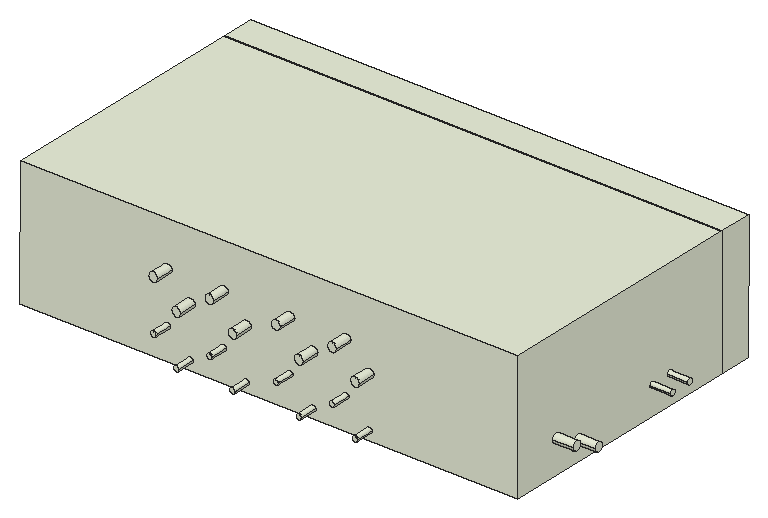
Revit family "Midea_VRF_MS08_E", category Mechanical Equipment, Revit 2013
Parameters (values of type "MS08/N1-D")
  clearance [instance] = no
  Width = 660.000 mm
  URL = ""
  Series = "MS box"
  Power supply = "220-240V 1N~50Hz/60Hz"
  Number of branches = 8
  Net Weight = 48.00 kg
  Model = "MS08/N1-D"
  Minimum Circuit Amps = 0.8 A
  Maximum Fuse Amps = 15 A
  Max. capacity index of connectable indoor units per branch = 16.000 kW
  Max. capacity index of connectable indoor units = 85.000 kW
  Max. No. of connectable indoor units per branch = 5
  Max. No. of connectable indoor units = 40
  Manufacturer = "Midea"
  Machine material = Galvanized Steel
  Low pressure gas pipe to ODU = "∅22.2/∅28.6/∅34.9"
  Liquid pipes to IDU = "∅6.35/∅9.52"
  Liquid pipe  to ODU = "∅12.7/∅15.9/∅19.05/∅22.2"
  Installation = "Indoor installation"
  High pressure gas pipe to ODU = "∅19.05/∅22.2/∅28.6"
  Height = 250.000 mm
  Heating Power Input = 138 W
  Gas pipes to IDU = "∅12.7/∅15.9"
  Gas = "R410A"
  Description = ""
  Depth = 574.000 mm
  Cooling Power Input = 138 W
  Condensation = ""
  Casing color = SB2014
Reference planes
  plane 1: z = 0
  plane 2 "中心(左/右)": x = 0
  plane 3: y = -374.3
  plane 4: x = -487
  plane 5: x = 487
  plane 6: y = -59.3
  plane 7: y = -624.3
  plane 8: z = 250
Forms (mm)
  Extrusion 1, solid, material "Galvanized Steel", detail levels medium+fine
    sketch origin (120, -1462, 378.197) x (0, -1, 0) y (1, 0, 0)
      loop
        line (-837.7, -607) -> (-837.7, 367) -> (-1337.7, 367) -> (-1337.7, -607) -> (-837.7, -607)
    from -378.197 to -128.197
  Extrusion 2, solid, material "Galvanized Steel", detail levels medium+fine
    sketch origin (120, -1109.5, 378.197) x (0, -1, 0) y (1, 0, 0)
      loop
        line (-985.2, -607) -> (-985.2, 367) -> (-1050.2, 367) -> (-1050.2, -607) -> (-985.2, -607)
    from -378.197 to -128.197
  Extrusion 3, solid, material "Galvanized Steel"
    sketch origin (1148, -1524, 0) x (0, 0, 1) y (0, -1, 0)
      loop
        circle (41.271, -1046.168) r 8.5
    from -661 to -619
  Extrusion 4, solid, material "Galvanized Steel"
    sketch origin (1148, -1300.408, 17.041) x (0, 0, 1) y (0, -1, 0)
      loop
        circle (41.271, -1046.168) r 5
    from -661 to -619
  Extrusion 5, solid, material "Galvanized Steel"
    sketch origin (-1148, -1524, 0) x (0, 0, 1) y (0, 1, 0)
      loop
        circle (41.271, 1046.168) r 7
    from -661 to -621
  Extrusion 6, solid, material "Galvanized Steel"
    sketch origin (-1148, -1404, 20) x (0, 0, 1) y (0, 1, 0)
      loop
        circle (41.271, 1046.168) r 5
    from -661 to -619
  Extrusion 7, solid, material "Galvanized Steel"
    sketch origin (-1148, -1469, 0) x (0, 0, 1) y (0, 1, 0)
      loop
        circle (41.271, 1046.168) r 8.5
    from -661 to -619
  Extrusion 8, solid, material "Galvanized Steel"
    sketch origin (70, -624.3, 378.197) x (1, 0, 0) y (0, 0, 1)
      loop
        circle (-268.631, -215.284) r 8.5
    from 0 to 34
  Extrusion 9, solid, material "Galvanized Steel"
    sketch origin (180, -624.3, 378.197) x (1, 0, 0) y (0, 0, 1)
      loop
        circle (-268.631, -215.284) r 8.5
    from 0 to 34
  Extrusion 10, solid, material "Galvanized Steel"
    sketch origin (70, -624.3, 278.197) x (1, 0, 0) y (0, 0, 1)
      loop
        circle (-268.631, -215.284) r 5
    from 0 to 34
  Extrusion 11, solid, material "Galvanized Steel"
    sketch origin (180, -624.3, 278.197) x (1, 0, 0) y (0, 0, 1)
      loop
        circle (-268.631, -215.284) r 5
    from 0 to 34
  Extrusion 12, solid, material "Galvanized Steel"
    sketch origin (115, -624.3, 333.197) x (1, 0, 0) y (0, 0, 1)
      loop
        circle (-268.631, -215.284) r 8.5
    from 0 to 34
  Extrusion 13, solid, material "Galvanized Steel"
    sketch origin (225, -624.3, 333.197) x (1, 0, 0) y (0, 0, 1)
      loop
        circle (-268.631, -215.284) r 8.5
    from 0 to 34
  Extrusion 14, solid, material "Galvanized Steel"
    sketch origin (115, -624.3, 233.197) x (1, 0, 0) y (0, 0, 1)
      loop
        circle (-268.631, -215.284) r 5
    from 0 to 34
  Extrusion 15, solid, material "Galvanized Steel"
    sketch origin (225, -624.3, 233.197) x (1, 0, 0) y (0, 0, 1)
      loop
        circle (-268.631, -215.284) r 5
    from 0 to 34
  Extrusion 16, solid, material "Galvanized Steel"
    sketch origin (1148, -1342.925, 15.845) x (0, 0, 1) y (0, -1, 0)
      loop
        circle (41.271, -1046.168) r 5
    from -661 to -619
  Extrusion 17, solid, material "Galvanized Steel"
    sketch origin (1148, -1577.669, 25.588) x (0, 0, 1) y (0, -1, 0)
      loop
        circle (41.271, -1046.168) r 8.5
    from -661 to -619
  Extrusion 18, solid, material "Galvanized Steel"
    sketch origin (310, -624.3, 378.197) x (1, 0, 0) y (0, 0, 1)
      loop
        circle (-268.631, -215.284) r 8.5
    from 0 to 34
  Extrusion 19, solid, material "Galvanized Steel"
    sketch origin (420, -624.3, 378.197) x (1, 0, 0) y (0, 0, 1)
      loop
        circle (-268.631, -215.284) r 8.5
    from 0 to 34
  Extrusion 20, solid, material "Galvanized Steel"
    sketch origin (310, -624.3, 278.197) x (1, 0, 0) y (0, 0, 1)
      loop
        circle (-268.631, -215.284) r 5
    from 0 to 34
  Extrusion 21, solid, material "Galvanized Steel"
    sketch origin (420, -624.3, 278.197) x (1, 0, 0) y (0, 0, 1)
      loop
        circle (-268.631, -215.284) r 5
    from 0 to 34
  Extrusion 22, solid, material "Galvanized Steel"
    sketch origin (355, -624.3, 333.197) x (1, 0, 0) y (0, 0, 1)
      loop
        circle (-268.631, -215.284) r 8.5
    from 0 to 34
  Extrusion 23, solid, material "Galvanized Steel"
    sketch origin (465, -624.3, 333.197) x (1, 0, 0) y (0, 0, 1)
      loop
        circle (-268.631, -215.284) r 8.5
    from 0 to 34
  Extrusion 24, solid, material "Galvanized Steel"
    sketch origin (355, -624.3, 233.197) x (1, 0, 0) y (0, 0, 1)
      loop
        circle (-268.631, -215.284) r 5
    from 0 to 34
  Extrusion 25, solid, material "Galvanized Steel"
    sketch origin (465, -624.3, 233.197) x (1, 0, 0) y (0, 0, 1)
      loop
        circle (-268.631, -215.284) r 5
    from 0 to 34
Lines and regions (mm)
  model lines, not visible
    curve 1: circle (177.54, 182, 460) r 280 normal (0, 1, 0)
    curve 2: circle (177.54, 182, 460) r 240 normal (0, 1, 0)
    curve 3: circle (177.54, 182, 460) r 200 normal (0, 1, 0)
    curve 4: circle (177.54, 182, 460) r 160 normal (0, 1, 0)
    curve 5: circle (177.54, 182, 460) r 120 normal (0, 1, 0)
    curve 6: circle (177.54, 182, 460) r 80 normal (0, 1, 0)
    curve 7: circle (177.54, 182, 460) r 40 normal (0, 1, 0)
    curve 8: arc (177.54, 182, 740) -> (273.688, 182, 600) -> (177.54, 182, 460) r 150
    curve 9: arc (177.54, 182, 460) -> (37.54, 182, 556.148) -> (-102.46, 182, 460) r 150
    curve 10: arc (177.54, 182, 460) -> (81.391, 182, 320) -> (177.54, 182, 180) r 150
    curve 11: arc (177.54, 182, 460) -> (317.54, 182, 363.852) -> (457.54, 182, 460) r 150
    curve 12: line (-151.4, 182, 818) -> (-151.4, 182, 178)
    curve 13: line (448.6, 182, 818) -> (448.6, 182, 178)
    curve 14: line (448.6, 182, 818) -> (-151.4, 182, 818)
    curve 15: line (448.6, 182, 178) -> (-151.4, 182, 178)
    curve 16: circle (148.6, 182, 498) r 280 normal (0, 1, 0)
    curve 17: circle (148.6, 182, 498) r 240 normal (0, 1, 0)
    curve 18: circle (148.6, 182, 498) r 200 normal (0, 1, 0)
    curve 19: circle (148.6, 182, 498) r 160 normal (0, 1, 0)
    curve 20: circle (148.6, 182, 498) r 120 normal (0, 1, 0)
    curve 21: circle (148.6, 182, 498) r 80 normal (0, 1, 0)
    curve 22: circle (148.6, 182, 498) r 40 normal (0, 1, 0)
    curve 23: arc (148.6, 182, 778) -> (244.748, 182, 638) -> (148.6, 182, 498) r 150
    curve 24: arc (148.6, 182, 498) -> (8.6, 182, 594.148) -> (-131.4, 182, 498) r 150
    curve 25: arc (148.6, 182, 498) -> (52.452, 182, 358) -> (148.6, 182, 218) r 150
    curve 26: arc (148.6, 182, 498) -> (288.6, 182, 401.852) -> (428.6, 182, 498) r 150
    curve 27: line (-327.463, 0, 542.426) -> (-398.173, 0, 613.137)
    curve 28: line (-341.605, 0, 528.284) -> (-412.315, 0, 598.995)
    curve 29: arc (-327.463, 0, 542.426) -> (-327.463, 0, 528.284) -> (-341.605, 0, 528.284) r 10
    curve 30: line (-327.463, 0, 602.426) -> (-398.173, 0, 673.137)
    curve 31: line (-341.605, 0, 588.284) -> (-412.315, 0, 658.995)
    curve 32: arc (-327.463, 0, 602.426) -> (-327.463, 0, 588.284) -> (-341.605, 0, 588.284) r 10
    curve 33: line (-327.463, 0, 662.426) -> (-398.173, 0, 733.137)
    curve 34: line (-341.605, 0, 648.284) -> (-412.315, 0, 718.995)
    curve 35: arc (-327.463, 0, 662.426) -> (-327.463, 0, 648.284) -> (-341.605, 0, 648.284) r 10
    curve 36: line (-412.315, 0, 733.137) -> (-468.884, 0, 789.706)
    curve 37: line (-468.884, 0, 789.706) -> (-468.884, 0, 964.3)
    curve 38: line (-327.463, 0, 528.284) -> (-302.714, 0, 503.536)
    curve 39: line (-302.714, 0, 503.536) -> (-302.714, 0, 31.9)
    curve 40: line (-327.463, 0, 542.426) -> (-398.173, 0, 613.137)
    curve 41: line (-341.605, 0, 528.284) -> (-412.315, 0, 598.995)
    curve 42: arc (-398.173, 0, 613.137) -> (-412.315, 0, 613.137) -> (-412.315, 0, 598.995) r 10
    curve 43: arc (-327.463, 0, 542.426) -> (-327.463, 0, 528.284) -> (-341.605, 0, 528.284) r 10
    curve 44: line (-327.463, 0, 602.426) -> (-398.173, 0, 673.137)
    curve 45: line (-341.605, 0, 588.284) -> (-412.315, 0, 658.995)
    curve 46: arc (-398.173, 0, 673.137) -> (-412.315, 0, 673.137) -> (-412.315, 0, 658.995) r 10
    curve 47: arc (-327.463, 0, 602.426) -> (-327.463, 0, 588.284) -> (-341.605, 0, 588.284) r 10
    curve 48: line (-327.463, 0, 662.426) -> (-398.173, 0, 733.137)
    curve 49: line (-341.605, 0, 648.284) -> (-412.315, 0, 718.995)
    curve 50: arc (-398.173, 0, 733.137) -> (-412.315, 0, 733.137) -> (-412.315, 0, 718.995) r 10
    curve 51: arc (-327.463, 0, 662.426) -> (-327.463, 0, 648.284) -> (-341.605, 0, 648.284) r 10
    curve 52: line (-412.315, 0, 733.137) -> (-468.884, 0, 789.706)
    curve 53: line (-468.884, 0, 789.706) -> (-468.884, 0, 964.3)
    curve 54: line (-327.463, 0, 528.284) -> (-302.714, 0, 503.536)
    curve 55: line (-302.714, 0, 503.536) -> (-302.714, 0, 31.9)
  model lines
    curve 56: line (-487, -124.3, 250) -> (487, -124.3, 250)
    curve 57: line (487, -624.3, 250) -> (487, -124.3, 250)
    curve 58: line (-487, -624.3, 250) -> (487, -624.3, 250)
    curve 59: line (-487, -124.3, 250) -> (-487, -624.3, 250)
    curve 60: line (-487, -624.3, 0) -> (487, -624.3, 0)
    curve 61: line (487, -624.3, 0) -> (487, -124.3, 0)
    curve 62: line (-487, -124.3, 0) -> (487, -124.3, 0)
    curve 63: line (-487, -124.3, 0) -> (-487, -624.3, 0)
Dimensions and locks
  aligned and locked: level to plane 1
Nested families
  nested 1: "Beautiful-Dao-Lagou-White" at (487, -239.129, 192) x (0, 1, 0) z (0, 0, 1), type "Dao-Lagou", not visible, detail levels fine
  nested 2: "Beautiful-Dao-Lagou-White" at (487, -557.107, 192) x (0, 1, 0) z (0, 0, 1), type "Dao-Lagou", not visible, detail levels fine
  nested 3: "Beautiful-Dao-Lagou-White" at (-487, -557.107, 192) x (0, 1, 0) z (0, 0, 1), type "Dao-Lagou", not visible, detail levels fine
  nested 4: "Beautiful-Dao-Lagou-White" at (-487, -239.129, 192) x (0, 1, 0) z (0, 0, 1), type "Dao-Lagou", not visible, detail levels fine
  nested 5: "Midea service space" at (-487, -59.3, 0), visible <- "clearance", Height <- "Height", type "Midea Service  Space"
    with Width 974.000 mm, Height 250.000 mm, Depth 400.000 mm
  nested 6: "Midea service space" at (-487, -1324.3, 0), visible <- "clearance", Height <- "Height", type "Midea Service  Space"
    with Width 974.000 mm, Height 250.000 mm, Depth 700.000 mm
  nested 7: "Midea service space" at (487, -624.3, 0), visible <- "clearance", Height <- "Height", type "Midea Service  Space"
    with Width 400.000 mm, Height 250.000 mm, Depth 565.000 mm
  nested 8: "Midea service space" at (-987, -624.3, 0), visible <- "clearance", Height <- "Height", type "Midea Service  Space"
    with Width 500.000 mm, Height 250.000 mm, Depth 565.000 mm
Connectors
  electrical at (487, -91.8, 125)
    settings: on Extrusion 2, index 1, voltage 220 V, apparent load 0 VA, apparent load phase1 0 VA, apparent load phase2 0 VA, apparent load phase3 0 VA, power factor 1, load classification "Other", number of poles 1, system type 30, power factor state 1, is connector primary yes, connector utility no, sub classification motor no, connector description ""
  piping at (529, -254.239, 58.313)
    settings: on Extrusion 4, index 2, connector radius 3.175 mm, flow factor 0, pipe flow 0.0 L/s, pressure drop 0.0 Pa, fitting loss kfactor 0, connector angle 0.00°, fixture units 0, engagement length 0.000 mm, flow configuration 0, flow direction 0, fitting loss method 0, system type 19, joint type 0, gender type 0, connector reference index -1, connector utility 0, adjustable connector no, is connector primary yes, fitting loss table "", connector description "Liquid pipes to IDU"
  piping at (529, -477.832, 41.271)
    settings: on Extrusion 3, index 3, connector radius 6.35 mm, flow factor 0, pipe flow 0.0 L/s, pressure drop 0.0 Pa, fitting loss kfactor 0, connector angle 0.00°, fixture units 0, engagement length 0.000 mm, flow configuration 0, flow direction 0, fitting loss method 0, system type 19, joint type 0, gender type 0, connector reference index -1, connector utility 0, adjustable connector no, is connector primary no, fitting loss table "", connector description "Gas pipes to IDU"
  piping at (-529, -357.832, 61.271)
    settings: on Extrusion 6, index 4, connector radius 4.76 mm, flow factor 0, pipe flow 0.0 L/s, pressure drop 0.0 Pa, fitting loss kfactor 0, connector angle 0.00°, fixture units 0, engagement length 0.000 mm, flow configuration 0, flow direction 0, fitting loss method 0, system type 19, joint type 0, gender type 0, connector reference index -1, connector utility 0, adjustable connector no, is connector primary no, fitting loss table "", connector description "Liquid pipe  to ODU"
  piping at (-529, -422.832, 41.271)
    settings: on Extrusion 7, index 5, connector radius 11.1 mm, flow factor 0, pipe flow 0.0 L/s, pressure drop 0.0 Pa, fitting loss kfactor 0, connector angle 0.00°, fixture units 0, engagement length 0.000 mm, flow configuration 0, flow direction 0, fitting loss method 0, system type 19, joint type 0, gender type 0, connector reference index -1, connector utility 0, adjustable connector no, is connector primary no, fitting loss table "", connector description "Low pressure gas pipe to ODU"
  piping at (-527, -477.832, 41.271)
    settings: on Extrusion 5, index 6, connector radius 9.525 mm, flow factor 0, pipe flow 0.0 L/s, pressure drop 0.0 Pa, fitting loss kfactor 0, connector angle 0.00°, fixture units 0, engagement length 0.000 mm, flow configuration 0, flow direction 0, fitting loss method 0, system type 19, joint type 0, gender type 0, connector reference index -1, connector utility 0, adjustable connector no, is connector primary no, fitting loss table "", connector description "High pressure gas pipe to ODU"
Definition of nested family "Beautiful-Dao-Lagou-White"
  Parameters (values of type "Dao-Lagou")
    Machine material = Midea White
  Reference planes
    plane 1 "Center (Front/Back)": y = 0
    plane 2: z = 0
    plane 3 "Center (Left/Right)": x = 0
  Forms (mm)
    Extrusion 1, solid, material "Midea White" <- "Machine material"
      sketch origin (0, 0, 18) x (0, 1, 0) y (0, 0, 1)
        loop
          line (0, -18) -> (0, 40) -> (-42, 40) -> (-42, 35) -> (-40, 35) -> (-40, 38) -> (-2, 38) -> (-2, -18) -> (0, -18)
      from 0 to 40
    Extrusion 2, void
      sketch origin (0, 0, 0) x (1, 0, 0) y (0, 1, 0)
        loop
          line (14, -30) -> (14, -42) -> (26, -42) -> (26, -30) -> (26, -12)
          arc (26, -12) -> (20, -6) -> (14, -12) r 6
          line (14, -12) -> (14, -30)
      from 53 to 58
  Cuts and joins
    Extrusion 2 cuts Extrusion 1
  Dimensions and locks
    aligned and locked: level to plane 2
Definition of nested family "Midea service space"
  Parameters (values of type "Midea Service  Space")
    Width [instance] = 500.000 mm
    Height [instance] = 500.000 mm
    Depth [instance] = 500.000 mm
  Reference planes
    plane 1 "Center (Front/Back)": y = 0
    plane 2: z = 0
    plane 3 "Center (Left/Right)": x = 0
    plane 4: z = 500
    plane 5: y = 500
    plane 6: x = 500
  Forms (mm)
    Extrusion 1, solid, material "Midea Service Space-HDY"
      sketch origin (0, 0, 0) x (1, 0, 0) y (0, 1, 0)
        loop
          line (0, 500) -> (0, 0) -> (500, 0) -> (500, 500) -> (0, 500)
      from 0 to 500
  Dimensions and locks
    "Width": plane 3 "Center (Left/Right)" to plane 6
    "Depth": plane 5 to plane 1 "Center (Front/Back)"
    "Height": level to plane 4
    aligned and locked: level to plane 2
    aligned and locked: plane 5 to Extrusion 1
    aligned and locked: Extrusion 1 to plane 6
    aligned and locked: Extrusion 1 to plane 3 "Center (Left/Right)"
    aligned and locked: plane 1 "Center (Front/Back)" to Extrusion 1
    aligned and locked: Extrusion 1 to plane 4
  Automatic sketch dimensions
    Extrusion 1 sketch curve to plane 3 "Center (Left/Right)" = 0.000 mm
    plane 1 "Center (Front/Back)" to Extrusion 1 sketch curve = 0.000 mm
    Extrusion 1 sketch curve to plane 6 = 0.000 mm
    Extrusion 1 sketch curve to plane 5 = 0.000 mm
